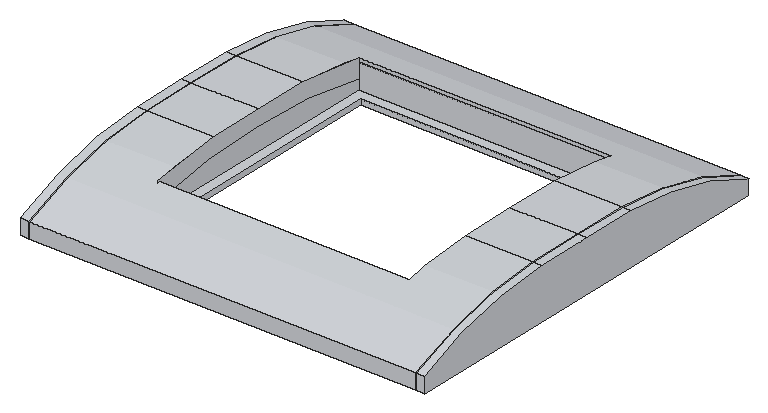
Revit family "Gira_1002326", category Electrical Fixtures, host Face, Revit 2017
Family settings
  Host = Face
  Maintain Annotation Orientation = No
  Round Connector Dimension = Use Diameter
  Part Type = Normal
  Cut with Voids When Loaded = No
  Shared = No
  Room Calculation Point = No
Parameters (values of type "Cov.fr. 2-g w/o cb interm.fr. PW Gira Event c.alum.")
  With mounting grid = "No"
  With hinged lid = "No"
  URL = "http://katalog.gira.de/en/datenblatt.html?artikelnr=1002326"
  Type of fastening = "Clamp mounting"
  Transparent = "No"
  Surface protection = "Other"
  Surface finishing = "Glossy"
  Suitable for wall duct = "No"
  Suitable for flush-mounted installation = "Yes"
  Suitable for floor box = "No"
  Suitable for built-in installation = "No"
  Number of units vertical = "2"
  Number of units horizontal = "2"
  Number of units = "2"
  Name = "Cov.fr. 2-g w/o cb interm.fr. PW Gira Event c.alum."
  Mounting direction = "Horizontal and vertical"
  Material quality = "Thermoplastic"
  Material = "Plastic"
  Manufacturer URL = "https://www.gira.de/"
  Manufacturer = "Gira"
  Label space/information surface = "No"
  Keynote = ""
  HeinzeBIM = "https://bimportal.heinze.de/bim/cov-fr-2-g-w-o-cb-interm-fr-pw-gira-event-c-alum-/4186162f63d055e7033b40733a44ace57943f3c8"
  Halogen free = "Yes"
  HAN = "1002326"
  GTIN = "4010337074373"
  Description = "Cov.fr.2g w o cb i.fr.CAl Event CAl,Gira Event frames,colour aluminium with pure white glossy intermediate frame,2-gang without crossbar,Features:,- Shatter-proof."
  Degree of protection (IP) = "IP20"
  Default Elevation = 1219.2 mm
  Data sheet (1) = "https://katalog.gira.de/en/download.html?artikelnr=1002326"
  Colour = "Aluminium"
  Category = "Cover frame for domestic switching devices"
  BIM (1) = "https://media.stage.bim.site/public/gira/36a6b08/Event_Rahmen_2fach o.Mittelsteg.rfa?public/gira/36a6b08/Event_Rahmen_2fach o.Mittelsteg.rfa"
  Available = "No"
Reference planes
  plane 1 "Center (Front/Back)": y = 0
  plane 2: z = 0
  plane 3 "Center (Left/Right)": x = 0
Forms (mm)
  Extrusion 1, solid, detail levels fine
    sketch origin (0, 0, 1.55) x (0, 1, 0) y (0, 0, 1)
      loop
        arc (12.445, 9.683) -> (6.223, 9.833) -> (0, 9.85) r 291.636
        arc (0, 9.85) -> (-6.223, 9.833) -> (-12.445, 9.683) r 291.636
        arc (-12.445, 9.683) -> (-29.14, 7.482) -> (-45, 1.823) r 79.728
        line (-45, 1.823) -> (-45, -1.55) -> (-41.777, -1.55) -> (-41.777, -0.55)
        arc (-41.777, -0.55) -> (-21.205, 4.846) -> (0, 6.467) r 118.15
        arc (0, 6.467) -> (21.205, 4.846) -> (41.777, -0.55) r 118.15
        line (41.777, -0.55) -> (41.777, -1.55) -> (45, -1.55) -> (45, 1.823)
        arc (45, 1.823) -> (29.14, 7.482) -> (12.445, 9.683) r 79.728
    from -43 to 43
  Extrusion 2, void, detail levels fine
    sketch origin (0, 0, 0) x (1, 0, 0) y (0, 1, 0)
      loop
        line (-28, -28) -> (28, -28) -> (28, 28) -> (-28, 28) -> (-28, -28)
    from 2.85 to 12
  Extrusion 3, solid, detail levels coarse
    sketch origin (0, 0, 0) x (1, 0, 0) y (0, 1, 0)
      loop
        line (-45, 45) -> (-45, -45) -> (45, -45) -> (45, 45) -> (-45, 45)
    from 0 to 11.4
  Extrusion 4, solid, detail levels medium
    sketch origin (0, 0, 1.55) x (0, 1, 0) y (0, 0, 1)
      loop
        arc (12.445, 9.683) -> (6.223, 9.833) -> (0, 9.85) r 291.636
        arc (0, 9.85) -> (-6.223, 9.833) -> (-12.445, 9.683) r 291.636
        arc (-12.445, 9.683) -> (-29.14, 7.482) -> (-45, 1.823) r 79.728
        line (-45, 1.823) -> (-45, -1.55) -> (45, -1.55) -> (45, 1.823)
        arc (45, 1.823) -> (29.14, 7.482) -> (12.445, 9.683) r 79.728
    from -45 to 45
  Extrusion 5, solid, detail levels fine
    sketch origin (0, 0, 0) x (0, 1, 0) y (0, 0, 1)
      loop
        arc (45, 3.373) -> (29.14, 9.032) -> (12.445, 11.233) r 79.728
        arc (12.445, 11.233) -> (6.223, 11.383) -> (0, 11.4) r 291.636
        arc (0, 11.4) -> (-6.223, 11.383) -> (-12.445, 11.233) r 291.636
        arc (-12.445, 11.233) -> (-29.14, 9.032) -> (-45, 3.373) r 79.728
        line (-45, 3.373) -> (-45, 0) -> (45, 0) -> (45, 3.373)
    from 43 to 45
  Extrusion 6, solid, detail levels fine
    sketch origin (0, 0, 0) x (0, 1, 0) y (0, 0, -1)
      loop
        line (45, -3.373) -> (45, 0) -> (-45, 0) -> (-45, -3.373)
        arc (-45, -3.373) -> (-29.14, -9.032) -> (-12.445, -11.233) r 79.728
        arc (-12.445, -11.233) -> (-6.223, -11.383) -> (0, -11.4) r 291.636
        arc (0, -11.4) -> (6.223, -11.383) -> (12.445, -11.233) r 291.636
        arc (12.445, -11.233) -> (29.14, -9.032) -> (45, -3.373) r 79.728
    from 43 to 45
  Extrusion 7, solid, detail levels fine
    sketch origin (0, 0, 0) x (1, 0, 0) y (0, 1, 0)
      loop
        line (-25.7, 25.7) -> (-25.7, -25.7) -> (25.7, -25.7) -> (25.7, 25.7) -> (-25.7, 25.7)
      loop
        line (-29.495, 27.895) -> (-29.495, -27.895)
        spline (-29.495, -27.895) -> (-29.486, -28.025) -> (-29.461, -28.154) -> (-29.419, -28.278) -> (-29.361, -28.395) -> (-29.288, -28.504) -> (-29.202, -28.602) -> (-29.104, -28.688) -> (-28.995, -28.761) -> (-28.878, -28.819) -> (-28.754, -28.861) -> (-28.625, -28.886) -> (-28.495, -28.895)
        line (-28.495, -28.895) -> (28.495, -28.895)
        spline (28.495, -28.895) -> (28.625, -28.886) -> (28.754, -28.861) -> (28.878, -28.819) -> (28.995, -28.761) -> (29.104, -28.688) -> (29.202, -28.602) -> (29.288, -28.504) -> (29.361, -28.395) -> (29.419, -28.278) -> (29.461, -28.154) -> (29.486, -28.025) -> (29.495, -27.895)
        line (29.495, -27.895) -> (29.495, 27.895)
        spline (29.495, 27.895) -> (29.486, 28.025) -> (29.461, 28.154) -> (29.419, 28.278) -> (29.361, 28.395) -> (29.288, 28.504) -> (29.202, 28.602) -> (29.104, 28.688) -> (28.995, 28.761) -> (28.878, 28.819) -> (28.754, 28.861) -> (28.625, 28.886) -> (28.495, 28.895)
        line (28.495, 28.895) -> (-28.495, 28.895)
        spline (-28.495, 28.895) -> (-28.625, 28.886) -> (-28.754, 28.861) -> (-28.878, 28.819) -> (-28.995, 28.761) -> (-29.104, 28.688) -> (-29.202, 28.602) -> (-29.288, 28.504) -> (-29.361, 28.395) -> (-29.419, 28.278) -> (-29.461, 28.154) -> (-29.486, 28.025) -> (-29.495, 27.895)
    from 1.673 to 8.5
Cuts and joins
  Extrusion 2 cuts Extrusion 1
  Extrusion 2 cuts Extrusion 7
Dimensions and locks
  aligned and locked: plane 2 to host face
  aligned and locked: level to host face
